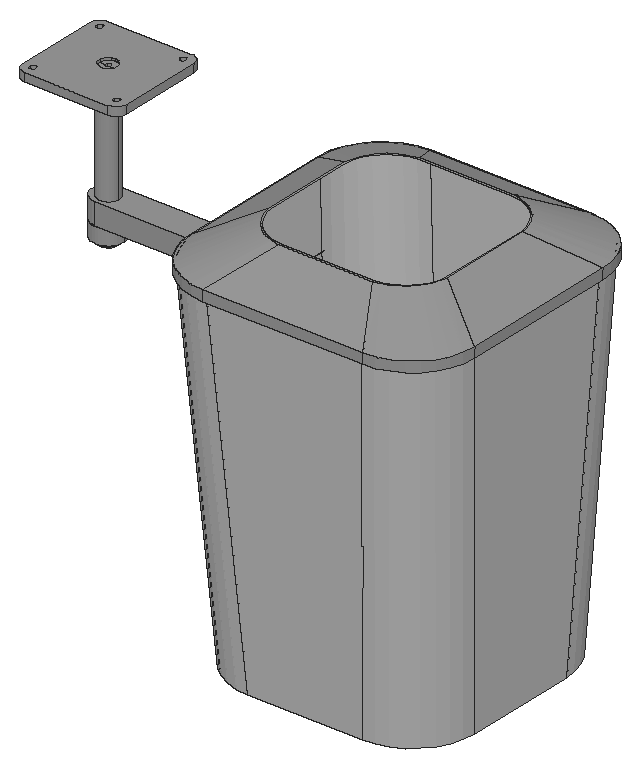
Revit family "Sanitary_Waste-Bins_Dandent_AFK-210_Hanging", category Furniture, Revit 2017
Family settings
  OmniClass Number = 23.40.20.31
  OmniClass Title = Refuse Disposal Furniture
  Work Plane-Based = No
  Always vertical = Yes
  Cut with Voids When Loaded = No
  Shared = No
  Room Calculation Point = No
Parameters (values of type "Hanging waste bin - AFK110")
  WastebinSecondaryMaterial = Plastic, Opaque White
  WastebinMainMaterial = Grey lacquered steel
  WarrantyStartDate [instance] = "n/a"
  WarrantyGuarantorParts = "n/a"
  WarrantyGuarantorLabor = "n/a"
  WarrantyDurationUnit = "Year"
  WarrantyDurationParts = "n/a"
  WarrantyDurationLabor = "n/a"
  WarrantyDescription = "n/a"
  VersionDate = "12/09/2019"  # constant formula
  Version = "1"  # constant formula
  Uniclass2015Reference = "Pr_40_50_07_96"
  Uniclass2015Description = "Waste bins"
  Uniclass2 = "Pr_40_50_07_76"
  URL = "https://www.dandent.se/produkter/tillbehor"
  Type Comments = ""
  TagNumber [instance] = "n/a"
  SustainabilityPerformance = "n/a"
  Style = "n/a"
  Size = "480x340x370 mm"
  Shape = "Rectangular"
  SerialNumber [instance] = "n/a"
  Revision = "n/a"
  ReplacementCost = "n/a"
  ProductInformation = "n/a"
  Product data url = "https://www.bimobject.com/dandent/product/hanging_waste_basket"
  NominalLength = 463.5 mm
  NominalHeight = 413 mm
  NominalDepth = 273.457 mm
  Name = "Dandent_AFK-110_Hanging"
  NBSReference = "45-35-72/380"
  NBSDescription = "Waste bins"
  ModelReference = "n/a"
  ModelNumber = "AFK110"
  Material = "Steel, plastic"
  ManufacturerURL = "https://www.dandent.se/"
  ManufacturerName = "Dandent"
  Model = "Hanging waste bin - AFK110"
  Manufacturer = "Dandent"
  MainColor = "Grey"
  InstallationDate [instance] = "n/a"
  IfcExportType = "BIN"  # constant formula
  IfcExportAs = "IfcFurnitureType"  # constant formula
  Grade = "n/a"
  Finish = "Grey lacquered steel"
  Features = "30 liter capacity, hanging installation"
  ExpectedLife = "n/a"
  DurationUnit = "Year"
  Cost = 0
  ConvergoRefNr = "0151-1909-0003-SE"
  Constituents = "n/a"
  Color = "Grey"
  CodePerformance = "n/a"
  Barcode [instance] = "n/a"
  AssetIdentifier [instance] = "n/a"
  Category = "Waste bin"
  Brand = "Dandent"
  BIMObjectName = "Sanitary_Waste-Bins_Dandent_AFK-110_Hanging"
  Author = "Convergo AB"  # constant formula
  AssetType = "Fixed"
  AccessibilityPerformance = "n/a"
Reference planes
  plane 1 "Center (Front/Back)": y = 0
  plane 2: z = 0
  plane 3 "Center (Left/Right)": x = 0
  plane 4: x = -231.75
  plane 5: x = 231.75
  plane 6: y = 136.729
  plane 7: y = -136.729
  plane 8: z = 413
Dimensions and locks
  equal spacing: plane 4, plane 3 "Center (Left/Right)", plane 5
  "NominalLength": plane 4 to plane 5
  equal spacing: plane 6, plane 1 "Center (Front/Back)", plane 7
  "NominalDepth": plane 6 to plane 7
  "NominalHeight": plane 8 to level
  aligned and locked: level to plane 2
Nested families
  nested 1: "Hängande avfallskorg, AFK 110" at (-0.95, 0, 0), Main <- "WastebinMainMaterial", Secondary <- "WastebinSecondaryMaterial", type "Hängande avfallskorg, AFK 110"
    with Secondary Plastic, Opaque White, Main Grey lacquered steel
Definition of nested family "Hängande avfallskorg, AFK 110"
  Parameters (values of type "Hängande avfallskorg, AFK 110")
    Secondary [instance] = none
    Main [instance] = none
  Reference planes
    plane 1 "Center (Front/Back)": y = 0
    plane 2: z = 0
    plane 3 "Center (Left/Right)": x = 0
    plane 4: x = 232.718
    plane 5: x = -230.8
    plane 6: y = 136.729
    plane 7: z = 413
    plane 8: y = -136.729
  Forms (mm)
    Extrusion 1, solid, detail levels medium+fine
      sketch origin (0, 0, 0) x (1, 0, 0) y (0, 1, 0)
        loop
          arc (-220.8, 50.002) -> (-227.871, 47.073) -> (-230.8, 40.002) r 10
          line (-230.8, 40.002) -> (-230.8, -39.998)
          arc (-230.8, -39.998) -> (-227.871, -47.069) -> (-220.8, -49.998) r 10
          line (-220.8, -49.998) -> (-140.8, -49.998)
          arc (-140.8, -49.998) -> (-133.729, -47.069) -> (-130.8, -39.998) r 10
          line (-130.8, -39.998) -> (-130.8, 40.002)
          arc (-130.8, 40.002) -> (-133.729, 47.073) -> (-140.8, 50.002) r 10
          line (-140.8, 50.002) -> (-220.8, 50.002)
        loop
          circle (-220.8, -40.002) r 2.997
        loop
          circle (-140.8, -40.002) r 2.997
        loop
          circle (-140.8, 40.002) r 2.997
        loop
          circle (-220.8, 40.002) r 2.997
        loop
          circle (-180.8, 0) r 8.578
      from 405 to 413
    Revolve 2, solid, detail levels medium+fine
      sketch origin (0, 0, 0) x (1, 0, 0) y (0, 0, 1)
        loop
          line (-180.8, 260) -> (-180.8, 411.5) -> (-189.4, 411.5) -> (-185.297, 407.397) -> (-185.297, 405) -> (-191.037, 405) -> (-191.037, 279.221) -> (-196.28, 279.221) -> (-196.28, 265.199) -> (-191.037, 265.199) -> (-191.037, 261) -> (-190.038, 260) -> (-180.8, 260)
        axis (-180.8, 411.5) -> (-180.8, 260)
      angle from 0 to 360
    Extrusion 3, void
      sketch origin (0, 0, 0) x (1, 0, 0) y (0, 1, 0)
        loop
          line (-180.8, 2.889) -> (-183.302, 1.445) -> (-183.302, -1.445) -> (-180.8, -2.889) -> (-178.298, -1.445) -> (-178.298, 1.445) -> (-180.8, 2.889)
      from 408.03 to 467.965
    Extrusion 4, solid, detail levels medium+fine
      sketch origin (0, 0, 0) x (1, 0, 0) y (0, 1, 0)
        loop
          arc (-181.28, 15.002) -> (-196.28, 0.002) -> (-181.28, -14.998) r 15
          line (-181.28, -14.998) -> (-45.958, -14.998) -> (-45.958, 15.002) -> (-181.28, 15.002)
      from 280.199 to 300.199
    Extrusion 5, solid, detail levels medium+fine
      sketch origin (0, 0, 0) x (1, 0, 0) y (0, 0, 1)
        loop
          line (-45.958, 280.199) -> (-45.954, 277.627)
          arc (-45.954, 277.627) -> (-45.413, 275.612) -> (-43.936, 274.137) r 4.027
          line (-43.936, 274.137) -> (-34.667, 268.802) -> (-33.669, 270.535) -> (-42.967, 275.887)
          arc (-42.967, 275.887) -> (-43.701, 276.619) -> (-43.969, 277.62) r 2
          line (-43.969, 277.62) -> (-43.969, 302.983)
          arc (-43.969, 302.983) -> (-43.702, 303.982) -> (-42.971, 304.714) r 2
          line (-42.971, 304.714) -> (-36.316, 308.568) -> (-37.318, 310.298) -> (-43.958, 306.453)
          arc (-43.958, 306.453) -> (-45.419, 304.99) -> (-45.954, 302.992) r 4
          line (-45.954, 302.992) -> (-45.958, 300.199) -> (-45.958, 280.199)
      from -74.988 to 75
    Revolve 6, solid, detail levels medium+fine
      sketch origin (0, -64.008, -0.139) x (1, 0, 0) y (0, 0, 1)
        loop
          line (-46.959, 290.274) -> (-45.954, 290.274) -> (-45.954, 295.268) -> (-46.959, 295.268) -> (-46.959, 290.274)
        axis (-46.959, 290.274) -> (-45.954, 290.274)
      angle from 0 to 360
    Revolve 7, solid, detail levels medium+fine
      sketch origin (0, 64.008, -0.139) x (1, 0, 0) y (0, 0, -1)
        loop
          line (-46.959, -290.274) -> (-46.959, -295.268) -> (-45.954, -295.268) -> (-45.954, -290.274) -> (-46.959, -290.274)
        axis (-46.959, -290.274) -> (-45.954, -290.274)
      angle from 0 to 360
    Extrusion 8, solid, detail levels medium+fine
      sketch origin (0, 0, 0) x (0, 1, 0) y (0, 0, 1)
        loop
          line (-60.005, 292.446) -> (-64.008, 294.757) -> (-68.01, 292.446) -> (-68.01, 287.824) -> (-64.008, 285.513) -> (-60.005, 287.824) -> (-60.005, 292.446)
      from -50.607 to -46.959
    Extrusion 9, solid, detail levels medium+fine
      sketch origin (0, 0, 0) x (0, -1, 0) y (0, 0, -1)
        loop
          line (-60.005, -292.446) -> (-60.005, -287.824) -> (-64.008, -285.513) -> (-68.01, -287.824) -> (-68.01, -292.446) -> (-64.008, -294.757) -> (-60.005, -292.446)
      from -50.607 to -46.959
    Extrusion 10, solid, detail levels medium+fine
      sketch origin (0, 0, 0) x (0, 1, 0) y (0, 0, 1)
        loop
          circle (-64.008, 290.135) r 2.5
      from -43.942 to -34.249
    Extrusion 11, solid, detail levels medium+fine
      sketch origin (0, 0, 0) x (0, -1, 0) y (0, 0, -1)
        loop
          circle (-64.008, -290.135) r 2.5
      from -43.942 to -34.667
    Blend 12, solid, material <- "Main", detail levels medium+fine
      base sketch origin (0, 0, 0) x (1, 0, 0) y (0, 1, 0)
        loop
          arc (45.142, 115) -> (2.716, 97.426) -> (-14.858, 55) r 60
          line (-14.858, 55) -> (-14.858, -55)
          arc (-14.858, -55) -> (2.716, -97.426) -> (45.142, -115) r 60
          line (45.142, -115) -> (155.121, -115)
          arc (155.121, -115) -> (197.548, -97.426) -> (215.121, -55) r 60
          line (215.121, -55) -> (215.121, 55)
          arc (215.121, 55) -> (197.548, 97.426) -> (155.121, 115) r 60
          line (155.121, 115) -> (45.142, 115)
      top sketch origin (0, 0, 0) x (1, 0, 0) y (0, 1, 0)
        loop
          arc (20.777, 135) -> (-21.65, 117.426) -> (-39.223, 75) r 60
          line (-39.223, 75) -> (-39.223, -75)
          arc (-39.223, -75) -> (-21.65, -117.426) -> (20.777, -135) r 60
          line (20.777, -135) -> (170.8, -135)
          arc (170.8, -135) -> (213.226, -117.426) -> (230.8, -75) r 60
          line (230.8, -75) -> (230.8, 75)
          arc (230.8, 75) -> (213.226, 117.426) -> (170.8, 135) r 60
          line (170.8, 135) -> (20.777, 135)
      from 0 to 346.859
    Blend 13, void
      base sketch origin (0, 0, 0) x (1, 0, 0) y (0, 1, 0)
        loop
          arc (45.142, 114) -> (3.423, 96.719) -> (-13.858, 55) r 59
          line (-13.858, 55) -> (-13.858, -55)
          arc (-13.858, -55) -> (3.423, -96.719) -> (45.142, -114) r 59
          line (45.142, -114) -> (155.121, -114)
          arc (155.121, -114) -> (196.841, -96.719) -> (214.121, -55) r 59
          line (214.121, -55) -> (214.121, 55)
          arc (214.121, 55) -> (196.841, 96.719) -> (155.121, 114) r 59
          line (155.121, 114) -> (45.142, 114)
      top sketch origin (0, 0, 0) x (1, 0, 0) y (0, 1, 0)
        loop
          arc (20.777, 134) -> (-20.943, 116.719) -> (-38.223, 75) r 59
          line (-38.223, 75) -> (-38.223, -75)
          arc (-38.223, -75) -> (-20.943, -116.719) -> (20.777, -134) r 59
          line (20.777, -134) -> (170.8, -134)
          arc (170.8, -134) -> (212.519, -116.719) -> (229.8, -75) r 59
          line (229.8, -75) -> (229.8, 75)
          arc (229.8, 75) -> (212.519, 116.719) -> (170.8, 134) r 59
          line (170.8, 134) -> (20.777, 134)
      from 0 to 346.859
    Extrusion 14, solid, material <- "Main", detail levels medium+fine
      sketch origin (0, 0, 0) x (1, 0, 0) y (0, 1, 0)
        loop
          arc (44.405, 115.619) -> (1.979, 98.045) -> (-15.595, 55.619) r 60
          line (-15.595, 55.619) -> (-15.595, -54.997)
          arc (-15.595, -54.997) -> (1.979, -97.423) -> (44.405, -114.997) r 60
          line (44.405, -114.997) -> (155.121, -114.997)
          arc (155.121, -114.997) -> (197.548, -97.423) -> (215.121, -54.997) r 60
          line (215.121, -54.997) -> (215.121, 55.619)
          arc (215.121, 55.619) -> (197.548, 98.045) -> (155.121, 115.619) r 60
          line (155.121, 115.619) -> (44.405, 115.619)
        loop
          circle (21.416, 78.587) r 12.999
        loop
          circle (53.413, 78.587) r 12.999
        loop
          circle (85.413, 78.587) r 12.999
        loop
          circle (117.413, 78.587) r 12.999
        loop
          circle (149.413, 78.587) r 12.999
        loop
          circle (181.413, 78.587) r 12.999
        loop
          circle (21.416, 46.587) r 12.999
        loop
          circle (53.413, 46.587) r 12.999
        loop
          circle (85.413, 46.587) r 12.999
        loop
          circle (117.413, 46.587) r 12.999
        loop
          circle (149.413, 46.587) r 12.999
        loop
          circle (181.413, 46.587) r 12.999
        loop
          circle (21.416, 14.587) r 12.999
        loop
          circle (53.413, 14.587) r 12.999
        loop
          circle (85.413, 14.587) r 12.999
        loop
          circle (117.413, 14.587) r 12.999
        loop
          circle (149.413, 14.587) r 12.999
        loop
          circle (181.413, 14.587) r 12.999
        loop
          circle (21.416, -17.413) r 12.999
        loop
          circle (53.413, -17.413) r 12.999
        loop
          circle (85.413, -17.413) r 12.999
        loop
          circle (117.413, -17.413) r 12.999
        loop
          circle (149.413, -17.413) r 12.999
        loop
          circle (181.413, -17.413) r 12.999
        loop
          circle (21.416, -49.413) r 12.999
        loop
          circle (53.413, -49.413) r 12.999
        loop
          circle (85.413, -49.413) r 12.999
        loop
          circle (117.413, -49.413) r 12.999
        loop
          circle (149.413, -49.413) r 12.999
        loop
          circle (181.413, -49.413) r 12.999
        loop
          circle (21.416, -81.413) r 12.999
        loop
          circle (53.413, -81.413) r 12.999
        loop
          circle (85.413, -81.413) r 12.999
        loop
          circle (117.413, -81.413) r 12.999
        loop
          circle (149.413, -81.413) r 12.999
        loop
          circle (181.413, -81.413) r 12.999
      from 11.723 to 12.955
    Extrusion 15, solid, material <- "Main", detail levels coarse
      sketch origin (0, 0, 0) x (1, 0, 0) y (0, 1, 0)
        loop
          line (232.718, 136.729) -> (-230.8, 136.729) -> (-230.8, -136.729) -> (232.718, -136.729) -> (232.718, 136.729)
      from 0 to 413
    Extrusion 16, solid, material <- "Secondary", detail levels medium+fine
      sketch origin (0, 0, 0) x (1, 0, 0) y (0, 1, 0)
        loop
          arc (19.218, 136.729) -> (-23.208, 119.155) -> (-40.782, 76.729) r 60
          line (-40.782, 76.729) -> (-40.782, -76.729)
          arc (-40.782, -76.729) -> (-23.208, -119.155) -> (19.218, -136.729) r 60
          line (19.218, -136.729) -> (172.718, -136.729)
          arc (172.718, -136.729) -> (215.144, -119.155) -> (232.718, -76.729) r 60
          line (232.718, -76.729) -> (232.718, 76.729)
          arc (232.718, 76.729) -> (215.144, 119.155) -> (172.718, 136.729) r 60
          line (172.718, 136.729) -> (19.218, 136.729)
        loop
          arc (19.218, 133.729) -> (-21.087, 117.034) -> (-37.782, 76.729) r 57
          line (-37.782, 76.729) -> (-37.782, -76.729)
          arc (-37.782, -76.729) -> (-21.087, -117.034) -> (19.218, -133.729) r 57
          line (19.218, -133.729) -> (172.718, -133.729)
          arc (172.718, -133.729) -> (213.023, -117.034) -> (229.718, -76.729) r 57
          line (229.718, -76.729) -> (229.718, 76.729)
          arc (229.718, 76.729) -> (213.023, 117.034) -> (172.718, 133.729) r 57
          line (172.718, 133.729) -> (19.218, 133.729)
      from 338.753 to 348.66
    Blend 17, solid, material <- "Secondary", detail levels medium+fine
      base sketch origin (0, 0, 0) x (1, 0, 0) y (0, 1, 0)
        loop
          arc (-40.782, -76.729) -> (-23.208, -119.155) -> (19.218, -136.729) r 60
          line (19.218, -136.729) -> (172.718, -136.729)
          arc (172.718, -136.729) -> (215.144, -119.155) -> (232.718, -76.729) r 60
          line (232.718, -76.729) -> (232.718, 76.729)
          arc (232.718, 76.729) -> (215.144, 119.155) -> (172.718, 136.729) r 60
          line (172.718, 136.729) -> (19.218, 136.729)
          arc (19.218, 136.729) -> (-23.208, 119.155) -> (-40.782, 76.729) r 60
          line (-40.782, 76.729) -> (-40.782, -76.729)
      top sketch origin (0, 0, 0) x (1, 0, 0) y (0, 1, 0)
        loop
          arc (50.466, 84.691) -> (23.114, 71.991) -> (10.364, 44.662) r 44
          arc (10.364, 44.662) -> (8.423, 0.006) -> (10.353, -44.651) r 516.08
          arc (10.353, -44.651) -> (23.1, -71.986) -> (50.455, -84.69) r 44
          arc (50.455, -84.69) -> (95.701, -86.613) -> (140.948, -84.69) r 533.229
          arc (140.948, -84.69) -> (168.303, -71.986) -> (181.05, -44.651) r 44
          arc (181.05, -44.651) -> (182.98, 0.006) -> (181.039, 44.662) r 516.08
          arc (181.039, 44.662) -> (168.288, 71.991) -> (140.937, 84.691) r 44
          arc (140.937, 84.691) -> (95.701, 86.613) -> (50.466, 84.691) r 533.229
      from 348.66 to 375.841
    Blend 18, void
      base sketch origin (0, 0, 0) x (1, 0, 0) y (0, 1, 0)
        loop
          line (172.718, 135.729) -> (19.218, 135.729)
          arc (19.218, 135.729) -> (-22.501, 118.448) -> (-39.782, 76.729) r 59
          line (-39.782, 76.729) -> (-39.782, -76.729)
          arc (-39.782, -76.729) -> (-22.501, -118.448) -> (19.218, -135.729) r 59
          line (19.218, -135.729) -> (172.718, -135.729)
          arc (172.718, -135.729) -> (214.437, -118.448) -> (231.718, -76.729) r 59
          line (231.718, -76.729) -> (231.718, 76.729)
          arc (231.718, 76.729) -> (214.437, 118.448) -> (172.718, 135.729) r 59
      top sketch origin (0, 0, 0) x (1, 0, 0) y (0, 1, 0)
        loop
          arc (140.852, 83.695) -> (95.701, 85.613) -> (50.551, 83.695) r 532.229
          arc (50.551, 83.695) -> (23.821, 71.283) -> (11.36, 44.576) r 43
          arc (11.36, 44.576) -> (9.423, 0.006) -> (11.349, -44.564) r 515.08
          arc (11.349, -44.564) -> (23.807, -71.278) -> (50.54, -83.694) r 43
          arc (50.54, -83.694) -> (95.701, -85.613) -> (140.863, -83.694) r 532.229
          arc (140.863, -83.694) -> (167.596, -71.278) -> (180.054, -44.564) r 43
          arc (180.054, -44.564) -> (181.98, 0.006) -> (180.042, 44.576) r 515.08
          arc (180.042, 44.576) -> (167.582, 71.283) -> (140.852, 83.695) r 43
      from 348.66 to 375.841
  Cuts and joins
    Extrusion 3 cuts Revolve 2
    Blend 13, Blend 18 cuts Blend 12
    Blend 18 cuts Extrusion 14
    Blend 18 cuts Blend 17
  Lines and regions (mm)
    symbolic lines, detail levels medium+fine
      curve 1: line (-220.8, 50.002, 0) -> (-140.8, 50.002, 0)
      curve 2: line (-230.8, -39.998, 0) -> (-230.8, 40.002, 0)
      curve 3: line (-140.8, -49.998, 0) -> (-220.8, -49.998, 0)
      curve 4: line (-130.8, 40.002, 0) -> (-130.8, 15.002, 0)
      curve 5: arc (-230.8, 40.002, 0) -> (-227.871, 47.073, 0) -> (-220.8, 50.002, 0) r 10
      curve 6: arc (-140.8, 50.002, 0) -> (-133.729, 47.073, 0) -> (-130.8, 40.002, 0) r 10
      curve 7: arc (-140.8, -49.998, 0) -> (-133.729, -47.069, 0) -> (-130.8, -39.998, 0) r 10
      curve 8: arc (-220.8, -49.998, 0) -> (-227.871, -47.069, 0) -> (-230.8, -39.998, 0) r 10
      curve 21: line (-130.8, 15.002, 0) -> (-45.958, 15.002, 0)
      curve 22: line (-130.8, -14.998, 0) -> (-45.958, -14.998, 0)
      curve 23: line (-45.958, 75.016, 0) -> (-45.958, 68.997, 0)
      curve 24: line (-45.958, 75.016, 0) -> (-40.782, 75.016, 0)
      curve 25: line (-45.958, -75.011, 0) -> (-40.782, -75.011, 0)
      curve 26: line (-50.603, -67.979, 0) -> (-50.603, -59.997, 0)
      curve 27: line (-50.603, -59.997, 0) -> (-46.953, -59.997, 0)
      curve 28: line (-46.953, -68.997, 0) -> (-46.953, -67.979, 0)
      curve 29: line (-46.953, -58.997, 0) -> (-45.958, -58.997, 0)
      curve 30: line (-46.953, -68.997, 0) -> (-45.958, -68.997, 0)
      curve 31: line (-50.603, -67.979, 0) -> (-46.953, -67.979, 0)
      curve 32: line (-50.603, 67.979, 0) -> (-50.603, 59.997, 0)
      curve 33: line (-50.603, 59.997, 0) -> (-46.953, 59.997, 0)
      curve 34: line (-46.953, 68.997, 0) -> (-46.953, 67.979, 0)
      curve 35: line (-46.953, 58.997, 0) -> (-45.958, 58.997, 0)
      curve 36: line (-46.953, 68.997, 0) -> (-45.958, 68.997, 0)
      curve 37: line (-50.603, 67.979, 0) -> (-46.953, 67.979, 0)
      curve 39: line (-45.958, -14.998, 0) -> (-45.958, -58.997, 0)
      curve 41: line (-46.953, 59.997, 0) -> (-46.953, 58.997, 0)
      curve 43: line (-45.958, 58.997, 0) -> (-45.958, 15.002, 0)
      curve 44: line (-46.953, -59.997, 0) -> (-46.953, -58.997, 0)
      curve 47: line (-45.958, -68.997, 0) -> (-45.958, -75.011, 0)
      curve 72: line (-38.413, 0, 338.685) -> (-36.318, 0, 308.566)
      curve 73: line (230.291, 0, 338.685) -> (214.982, 0, 0)
      curve 74: line (-14.862, 0, 0) -> (214.982, 0, 0)
      curve 75: line (-230.8, 0, 413) -> (-130.8, 0, 413)
      curve 76: line (-230.8, 0, 405) -> (-230.8, 0, 413)
      curve 77: line (-130.8, 0, 405) -> (-170.563, 0, 405)
      curve 78: line (-130.8, 0, 413) -> (-130.8, 0, 405)
      curve 79: line (-191.037, 0, 405) -> (-191.037, 0, 300.199)
      curve 80: line (-170.563, 0, 261) -> (-170.563, 0, 265.199)
      curve 81: line (-45.954, 0, 300.199) -> (-170.563, 0, 300.199)
      curve 82: line (-195.935, 0, 280.199) -> (-195.567, 0, 280.199)
      curve 83: line (-195.935, 0, 300.199) -> (-195.935, 0, 280.199)
      curve 84: line (-196.28, 0, 265.199) -> (-191.037, 0, 265.199)
      curve 85: line (-190.038, 0, 260) -> (-171.562, 0, 260)
      curve 86: line (-191.037, 0, 261) -> (-190.038, 0, 260)
      curve 87: line (-171.562, 0, 260) -> (-170.563, 0, 261)
      curve 89: line (-196.28, 0, 265.199) -> (-196.28, 0, 279.221)
      curve 90: line (-165.32, 0, 265.199) -> (-165.32, 0, 279.221)
      curve 91: line (-165.32, 0, 279.221) -> (-166.033, 0, 279.221)
      curve 92: line (-195.567, 0, 280.199) -> (-195.567, 0, 279.221)
      curve 93: line (-166.033, 0, 280.199) -> (-166.033, 0, 279.221)
      curve 94: line (-191.037, 0, 265.199) -> (-191.037, 0, 261)
      curve 95: line (-170.563, 0, 300.199) -> (-170.563, 0, 405)
      curve 96: line (-45.954, 0, 277.627) -> (-45.954, 0, 280.199)
      curve 97: line (-37.318, 0, 310.298) -> (-43.958, 0, 306.453)
      curve 98: line (-36.319, 0, 308.572) -> (-37.318, 0, 310.298)
      curve 100: line (-43.936, 0, 274.137) -> (-34.667, 0, 268.802)
      curve 101: line (-34.667, 0, 268.802) -> (-33.673, 0, 270.528)
      curve 102: arc (-43.936, 0, 274.137) -> (-45.413, 0, 275.612) -> (-45.954, 0, 277.627) r 4.027
      curve 103: arc (-43.958, 0, 306.453) -> (-45.419, 0, 304.99) -> (-45.954, 0, 302.992) r 4
      curve 114: line (-191.037, 0, 405) -> (-230.8, 0, 405)
      curve 116: line (-191.037, 0, 300.199) -> (-195.935, 0, 300.199)
      curve 118: line (-195.567, 0, 279.221) -> (-196.28, 0, 279.221)
      curve 120: line (-166.033, 0, 280.199) -> (-45.954, 0, 280.199)
      curve 123: line (-170.563, 0, 265.199) -> (-165.32, 0, 265.199)
      curve 124: line (-45.954, 0, 300.199) -> (-45.954, 0, 302.992)
      curve 128: line (-33.673, 0, 270.528) -> (-14.862, 0, 0)
      curve 129: line (0, 50.002, 405) -> (0, 10.252, 405)
      curve 130: line (0, 50.002, 413) -> (0, 50.002, 405)
      curve 131: line (0, 0, 413) -> (0, 50.002, 413)
      curve 132: line (0, 10.252, 405) -> (0, 10.252, 376.141)
      curve 133: line (0, 134.172, 338.753) -> (0, 114.944, 0)
      curve 134: line (0, 114.944, 0) -> (0, 0, 0)
      curve 162: line (19.218, 136.729, 0) -> (172.718, 136.729, 0)
      curve 163: line (232.718, 76.729, 0) -> (232.718, -76.729, 0)
      curve 164: line (172.718, -136.729, 0) -> (19.218, -136.729, 0)
      curve 165: line (-40.782, 76.729, 0) -> (-40.782, 75.016, 0)
      curve 166: arc (172.718, 136.729, 0) -> (215.144, 119.155, 0) -> (232.718, 76.729, 0) r 60
      curve 167: arc (232.718, -76.729, 0) -> (215.144, -119.155, 0) -> (172.718, -136.729, 0) r 60
      curve 168: arc (19.218, -136.729, 0) -> (-23.208, -119.155, 0) -> (-40.782, -76.729, 0) r 60
      curve 169: arc (-40.782, 76.729, 0) -> (-23.208, 119.155, 0) -> (19.218, 136.729, 0) r 60
      curve 186: line (-40.782, -75.011, 0) -> (-40.782, -76.729, 0)
      curve 196: line (0, 136.729, 338.753) -> (0, 134.172, 338.753)
      curve 197: line (0, 136.729, 338.753) -> (0, 136.729, 348.777)
      curve 198: line (0, 133.851, 353.304) -> (0, 85.143, 376.141)
      curve 199: line (0, 10.252, 376.141) -> (0, 85.143, 376.141)
      curve 200: arc (0, 136.729, 348.777) -> (0, 135.948, 351.459) -> (0, 133.851, 353.304) r 5
      curve 203: line (0, -50.002, 405) -> (0, -10.252, 405)
      curve 204: line (0, -50.002, 413) -> (0, -50.002, 405)
      curve 205: line (0, 0, 413) -> (0, -50.002, 413)
      curve 206: line (0, -10.252, 405) -> (0, -10.252, 376.141)
      curve 207: line (0, -134.172, 338.753) -> (0, -114.944, 0)
      curve 208: line (0, -114.944, 0) -> (0, 0, 0)
      curve 233: line (0, -136.729, 338.753) -> (0, -134.172, 338.753)
      curve 234: line (0, -136.729, 338.753) -> (0, -136.729, 348.777)
      curve 235: line (0, -133.851, 353.304) -> (0, -85.143, 376.141)
      curve 236: line (0, -10.252, 376.141) -> (0, -85.143, 376.141)
      curve 237: arc (0, -136.729, 348.777) -> (0, -135.948, 351.459) -> (0, -133.851, 353.304) r 5
      curve 240: line (-42.536, 0, 338.685) -> (-38.413, 0, 338.685)
      curve 241: line (232.718, 0, 338.685) -> (232.718, 0, 348.846)
      curve 242: line (-42.536, 0, 338.685) -> (-42.536, 0, 348.755)
      curve 243: line (-39.645, 0, 353.288) -> (8.743, 0, 375.808)
      curve 244: line (8.743, 0, 375.808) -> (181.617, 0, 375.808)
      curve 245: line (181.617, 0, 375.808) -> (229.827, 0, 353.379)
      curve 246: arc (-42.536, 0, 348.755) -> (-41.752, 0, 351.443) -> (-39.645, 0, 353.288) r 5
      curve 247: arc (229.827, 0, 353.379) -> (231.934, 0, 351.534) -> (232.718, 0, 348.846) r 5
      curve 249: line (230.291, 0, 338.685) -> (232.718, 0, 338.685)
      curve 251: line (-130.8, -14.998, 0) -> (-130.8, -39.998, 0)
    symbolic lines, detail levels fine
      curve 9: circle (-220.8, 40.002, 0) r 2.997 normal (0, 0, 1)
      curve 10: circle (-140.8, 40.002, 0) r 2.997 normal (0, 0, -1)
      curve 11: circle (-220.8, -40.002, 0) r 2.997 normal (0, 0, -1)
      curve 12: circle (-140.8, -40.002, 0) r 2.997 normal (0, 0, 1)
      curve 13: circle (-180.8, 0, 0) r 8.578 normal (0, 0, 1)
      curve 14: line (-180.8, 2.889, 0) -> (-183.302, 1.445, 0)
      curve 15: line (-183.302, 1.445, 0) -> (-183.302, -1.445, 0)
      curve 16: line (-183.302, -1.445, 0) -> (-180.8, -2.889, 0)
      curve 17: line (-180.8, -2.889, 0) -> (-178.298, -1.445, 0)
      curve 18: line (-178.298, -1.445, 0) -> (-178.298, 1.445, 0)
      curve 19: line (-178.298, 1.445, 0) -> (-180.8, 2.889, 0)
      curve 20: circle (-180.8, 0, 0) r 8 normal (0, 0, 1)
      curve 38: line (-45.958, 15.002, 0) -> (-45.958, -14.998, 0)
      curve 40: line (-46.953, 67.979, 0) -> (-46.953, 59.997, 0)
      curve 42: line (-45.958, 68.997, 0) -> (-45.958, 58.997, 0)
      curve 45: line (-46.953, -67.979, 0) -> (-46.953, -59.997, 0)
      curve 46: line (-45.958, -58.997, 0) -> (-45.958, -68.997, 0)
      curve 48: arc (40.794, 81.707, 0) -> (55.027, 65.688, 0) -> (64.875, 84.72, 0) r 12.999
      curve 49: arc (74.21, 85.179, 0) -> (85.668, 65.59, 0) -> (96.35, 85.613, 0) r 12.999
      curve 50: arc (106.408, 85.505, 0) -> (116.876, 65.599, 0) -> (128.952, 84.574, 0) r 12.999
      curve 51: arc (137.578, 83.963, 0) -> (145.352, 66.239, 0) -> (162.129, 75.889, 0) r 12.999
      curve 52: arc (10.902, 38.943, 0) -> (34.165, 44.052, 0) -> (14.626, 57.672, 0) r 12.999
      curve 53: circle (53.413, 46.587, 0) r 12.999 normal (0, 0, 1)
      curve 54: circle (85.413, 46.587, 0) r 12.999 normal (0, 0, 1)
      curve 55: circle (117.413, 46.587, 0) r 12.999 normal (0, 0, 1)
      curve 56: circle (149.413, 46.587, 0) r 12.999 normal (0, 0, 1)
      curve 57: arc (176.382, 58.573, 0) -> (168.62, 44.283, 0) -> (180.879, 33.599, 0) r 12.999
      curve 58: circle (53.413, 14.587, 0) r 12.999 normal (0, 0, 1)
      curve 59: circle (85.413, 14.587, 0) r 12.999 normal (0, 0, 1)
      curve 60: circle (117.413, 14.587, 0) r 12.999 normal (0, 0, 1)
      curve 61: circle (149.413, 14.587, 0) r 12.999 normal (0, 0, 1)
      curve 62: arc (181.238, 27.585, 0) -> (168.42, 14.217, 0) -> (181.977, 1.6, 0) r 12.999
      curve 63: circle (53.413, -49.243, 0) r 12.999 normal (0, 0, -1)
      curve 64: circle (85.413, -49.243, 0) r 12.999 normal (0, 0, -1)
      curve 65: circle (117.413, -49.243, 0) r 12.999 normal (0, 0, -1)
      curve 66: circle (149.413, -49.243, 0) r 12.999 normal (0, 0, -1)
      curve 67: arc (9.559, -11.914, 0) -> (34.407, -16.799, 0) -> (9.951, -23.369, 0) r 12.999
      curve 68: circle (53.413, -17.243, 0) r 12.999 normal (0, 0, -1)
      curve 69: circle (85.413, -17.243, 0) r 12.999 normal (0, 0, -1)
      curve 70: circle (117.413, -17.243, 0) r 12.999 normal (0, 0, -1)
      curve 71: circle (149.413, -17.243, 0) r 12.999 normal (0, 0, -1)
      curve 88: line (-170.563, 0, 261) -> (-191.037, 0, 261)
      curve 99: line (-33.674, 0, 270.538) -> (-42.967, 0, 275.887)
      curve 104: line (-46.959, 0, 295.268) -> (-45.954, 0, 295.268)
      curve 105: line (-46.959, 0, 295.268) -> (-46.959, 0, 285.28)
      curve 106: line (-46.959, 0, 285.28) -> (-45.954, 0, 285.28)
      curve 107: line (-50.239, 0, 285.651) -> (-46.959, 0, 285.651)
      curve 108: line (-50.262, 0, 294.889) -> (-46.959, 0, 294.889)
      curve 109: line (-50.607, 0, 294.265) -> (-50.607, 0, 286.316)
      curve 110: line (-50.239, 0, 285.651) -> (-50.607, 0, 286.316)
      curve 111: line (-50.262, 0, 294.889) -> (-50.607, 0, 294.265)
      curve 112: line (-43.969, 0, 292.775) -> (-35.22, 0, 292.775)
      curve 113: line (-43.969, 0, 287.781) -> (-34.873, 0, 287.781)
      curve 115: line (-170.563, 0, 405) -> (-191.037, 0, 405)
      curve 117: line (-170.563, 0, 300.199) -> (-191.037, 0, 300.199)
      curve 119: line (-195.567, 0, 280.199) -> (-166.033, 0, 280.199)
      curve 121: line (-166.033, 0, 279.221) -> (-195.567, 0, 279.221)
      curve 122: line (-191.037, 0, 265.199) -> (-170.563, 0, 265.199)
      curve 125: line (-45.954, 0, 280.199) -> (-45.954, 0, 300.199)
      curve 126: line (-36.319, 0, 308.572) -> (-33.673, 0, 270.528)
      curve 127: line (-36.318, 0, 308.566) -> (-42.971, 0, 304.714)
      curve 135: line (0, 74.979, 268.642) -> (0, 74.979, 310.139)
      curve 136: line (0, 74.979, 310.139) -> (0, 10.252, 310.139)
      curve 137: line (0, 74.979, 268.642) -> (0, 15.502, 268.642)
      curve 138: line (0, 0, 260) -> (0, 9.252, 260)
      curve 139: line (0, 10.252, 261) -> (0, 0, 261)
      curve 140: line (0, 9.252, 260) -> (0, 10.252, 261)
      curve 141: line (0, 10.252, 261) -> (0, 10.252, 265.199)
      curve 142: line (0, 15.502, 265.199) -> (0, 0, 265.199)
      curve 143: line (0, 15.502, 265.199) -> (0, 15.502, 279.199)
      curve 144: line (0, 15.502, 279.199) -> (0, 0, 279.199)
      curve 145: line (0, 15.002, 280.411) -> (0, 0, 280.411)
      curve 146: line (0, 14.75, 279.199) -> (0, 14.75, 280.411)
      curve 147: line (0, 15.002, 280.411) -> (0, 15.002, 300.199)
      curve 148: line (0, 14.759, 300.199) -> (0, 0, 300.199)
      curve 149: line (0, 64.008, 294.757) -> (0, 60.005, 292.446)
      curve 150: line (0, 60.005, 292.446) -> (0, 60.005, 287.824)
      curve 151: line (0, 60.005, 287.824) -> (0, 64.008, 285.513)
      curve 152: line (0, 64.008, 285.513) -> (0, 68.01, 287.824)
      curve 153: line (0, 68.01, 287.824) -> (0, 68.01, 292.446)
      curve 154: line (0, 68.01, 292.446) -> (0, 64.008, 294.757)
      curve 155: circle (0, 64.008, 290.135) r 5 normal (1, 0, 0)
      curve 156: circle (0, 64.008, 290.135) r 4.002 normal (1, 0, 0)
      curve 157: line (0, 10.252, 349.94) -> (0, 10.252, 300.199)
      curve 158: line (0, 10.252, 405) -> (0, 0, 405)
      curve 159: line (-43.969, 0, 302.983) -> (-43.969, 0, 277.62)
      curve 160: arc (-43.969, 0, 302.983) -> (-43.702, 0, 303.982) -> (-42.971, 0, 304.714) r 2
      curve 161: arc (-43.969, 0, 277.62) -> (-43.701, 0, 276.619) -> (-42.967, 0, 275.887) r 2
      curve 170: arc (50.551, 83.695, 0) -> (95.701, 85.613, 0) -> (140.852, 83.695, 0) r 532.229
      curve 171: arc (50.54, -83.694, 0) -> (95.701, -85.613, 0) -> (140.863, -83.694, 0) r 532.229
      curve 172: arc (180.042, 44.576, 0) -> (181.98, 0.006, 0) -> (180.054, -44.564, 0) r 515.08
      curve 173: arc (11.36, 44.576, 0) -> (9.423, 0.006, 0) -> (11.349, -44.564, 0) r 515.08
      curve 174: arc (50.551, 83.695, 0) -> (23.821, 71.283, 0) -> (11.36, 44.576, 0) r 43
      curve 175: arc (140.852, 83.695, 0) -> (167.582, 71.283, 0) -> (180.042, 44.576, 0) r 43
      curve 176: arc (180.054, -44.564, 0) -> (167.596, -71.278, 0) -> (140.863, -83.694, 0) r 43
      curve 177: arc (50.54, -83.694, 0) -> (23.807, -71.278, 0) -> (11.349, -44.564, 0) r 43
      curve 178: arc (50.466, 84.691, 0) -> (95.701, 86.613, 0) -> (140.937, 84.691, 0) r 533.229
      curve 179: arc (50.466, 84.691, 0) -> (23.114, 71.991, 0) -> (10.364, 44.662, 0) r 44
      curve 180: arc (10.364, 44.662, 0) -> (8.423, 0.006, 0) -> (10.353, -44.651, 0) r 516.08
      curve 181: arc (50.455, -84.69, 0) -> (23.1, -71.986, 0) -> (10.353, -44.651, 0) r 44
      curve 182: arc (50.455, -84.69, 0) -> (95.701, -86.613, 0) -> (140.948, -84.69, 0) r 533.229
      curve 183: arc (181.05, -44.651, 0) -> (168.303, -71.986, 0) -> (140.948, -84.69, 0) r 44
      curve 184: arc (181.039, 44.662, 0) -> (182.98, 0.006, 0) -> (181.05, -44.651, 0) r 516.08
      curve 185: arc (140.937, 84.691, 0) -> (168.288, 71.991, 0) -> (181.039, 44.662, 0) r 44
      curve 187: line (-40.782, 75.016, 0) -> (-40.782, -75.011, 0)
      curve 188: arc (181.095, -30.238, 0) -> (168.421, -16.809, 0) -> (181.963, -4.256, 0) r 12.999
      curve 189: arc (175.339, -60.736, 0) -> (168.716, -46.459, 0) -> (180.706, -36.263, 0) r 12.999
      curve 190: arc (136.717, -84.03, 0) -> (145.565, -68.827, 0) -> (161.461, -76.361, 0) r 12.999
      curve 191: arc (105.141, -85.529, 0) -> (117.413, -68.244, 0) -> (129.685, -85.529, 0) r 12.999
      curve 192: arc (73.009, -85.129, 0) -> (85.667, -68.247, 0) -> (97.657, -85.61, 0) r 12.999
      curve 193: arc (40.419, -81.584, 0) -> (55.029, -68.345, 0) -> (65.922, -84.779, 0) r 12.999
      curve 194: arc (11.081, -41.358, 0) -> (33.986, -45.932, 0) -> (16.307, -61.196, 0) r 12.999
      curve 195: arc (9.509, 9.371, 0) -> (34.409, 14.209, 0) -> (9.833, 20.487, 0) r 12.999
      curve 201: line (0, 134.172, 338.753) -> (0, 10.252, 338.753)
      curve 202: line (0, 10.252, 376.141) -> (0, 10.252, 349.94)
      curve 209: line (0, -74.979, 268.642) -> (0, -74.979, 310.139)
      curve 210: line (0, -74.979, 310.139) -> (0, -10.252, 310.139)
      curve 211: line (0, -74.979, 268.642) -> (0, -15.502, 268.642)
      curve 212: line (0, 0, 260) -> (0, -9.252, 260)
      curve 213: line (0, -10.252, 261) -> (0, 0, 261)
      curve 214: line (0, -9.252, 260) -> (0, -10.252, 261)
      curve 215: line (0, -10.252, 261) -> (0, -10.252, 265.199)
      curve 216: line (0, -15.502, 265.199) -> (0, 0, 265.199)
      curve 217: line (0, -15.502, 265.199) -> (0, -15.502, 279.199)
      curve 218: line (0, -15.502, 279.199) -> (0, 0, 279.199)
      curve 219: line (0, -15.002, 280.411) -> (0, 0, 280.411)
      curve 220: line (0, -14.75, 279.199) -> (0, -14.75, 280.411)
      curve 221: line (0, -15.002, 280.411) -> (0, -15.002, 300.199)
      curve 222: line (0, -14.759, 300.199) -> (0, 0, 300.199)
      curve 223: line (0, -64.008, 294.757) -> (0, -60.005, 292.446)
      curve 224: line (0, -60.005, 292.446) -> (0, -60.005, 287.824)
      curve 225: line (0, -60.005, 287.824) -> (0, -64.008, 285.513)
      curve 226: line (0, -64.008, 285.513) -> (0, -68.01, 287.824)
      curve 227: line (0, -68.01, 287.824) -> (0, -68.01, 292.446)
      curve 228: line (0, -68.01, 292.446) -> (0, -64.008, 294.757)
      curve 229: circle (0, -64.008, 290.135) r 5 normal (-1, 0, 0)
      curve 230: circle (0, -64.008, 290.135) r 4.002 normal (-1, 0, 0)
      curve 231: line (0, -10.252, 349.94) -> (0, -10.252, 300.199)
      curve 232: line (0, -10.252, 405) -> (0, 0, 405)
      curve 238: line (0, -134.172, 338.753) -> (0, -10.252, 338.753)
      curve 239: line (0, -10.252, 376.141) -> (0, -10.252, 349.94)
      curve 248: line (-38.413, 0, 338.685) -> (230.291, 0, 338.685)
      curve 250: line (-130.8, 15.002, 0) -> (-130.8, -14.998, 0)
  Dimensions and locks
    aligned and locked: level to plane 2
